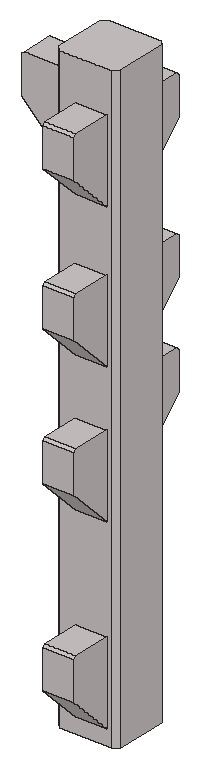
Revit family "d0e68022739f43beb43a3a3fe010b6a2", category Structural Columns, Revit 2021
Family settings
  Display in Hidden Views = Edges Hidden by Other Members
  Section Shape = Not Defined
  Material for Model Behavior = Precast Concrete
  Always export as geometry = No
  Beam cutback in plan = From bounding box
  OmniClass Number = 23.25.30.11.14.11
  OmniClass Title = Columns
  Seek Item ID = Precast-Rectangular Column with Multi Layer Corbels-0000-USA-ENU
  Cut with Voids When Loaded = No
  Symbolic Representation = From Family
  Shared = No
  Show family pre-cut in plan views = No
Parameters (values of type "12"x12"-4 Levels")
  West Corbels Number 1 = if(West Corbels Number > 4, 4, West Corbels Number)  # 1
  Tie Rod Weight [instance] = 30
  Tie Rod W [instance] = (Tie Rod Weight) * 2.20313 kip / 1000  # 0.0660938 kip
  Structural Material [instance] = Concrete, Precast
  South Corbels Number 1 = if(South Corbels Number > 4, 4, South Corbels Number)  # 4
  South Corbels Number = 4
  South Corbel Type = Sloped Corbel : Sloped Corbel
  Single Rebar Weight [instance] = 50
  Single Rebar W [instance] = (Single Rebar Weight * 2.20313 kip) / 1000  # 0.110156 kip
  Rebar Grids Weight [instance] = 100
  Rebar Grids W [instance] = (Rebar Grids Weight * 2.20313 kip) / 1000  # 0.220313 kip
  North Corbels Number 1 = if(North Corbels Number > 4, 4, North Corbels Number)  # 3
  North Corbels Number = 3
  North Corbel Type = Sloped Corbel : Sloped Corbel
  East Corbels Number 1 = if(East Corbels Number > 4, 4, East Corbels Number)  # 0
  East Corbels Number = 0
  East Corbel Type = Sloped Corbel : Sloped Corbel
  Corbel Width = ""
  Corbel Width West = 0' - 6"
  Corbel Width South = 0' - 6"
  Corbel Width North = 0' - 6"
  Corbel Width East = 0' - 6"
  Corbel West 4 = and(West Corbels Number 1 = 4, not(West Corbels Number 1 = 0))  # no
  Corbel West 3 = and(or((West Corbels Number 1 = 3), (West Corbels Number 1 > 3)), not(West Corbels Number 1 = 0))  # no
  Corbel West 2 = and(or((West Corbels Number 1 = 2), (West Corbels Number 1 > 2)), not(West Corbels Number 1 = 0))  # no
  Corbel West 1 = and(or((West Corbels Number 1 = 1), (West Corbels Number 1 > 1)), not(West Corbels Number 1 = 0))  # yes
  West Corbels Number = 1
  West Corbel Type = Sloped Corbel : Sloped Corbel
  Corbel South 4 = and(South Corbels Number 1 = 4, not(South Corbels Number 1 = 0))  # yes
  Corbel South 3 = and(or((South Corbels Number 1 = 3), (South Corbels Number 1 > 3)), not(South Corbels Number 1 = 0))  # yes
  Corbel South 2 = and(or((South Corbels Number 1 = 2), (South Corbels Number 1 > 2)), not(South Corbels Number 1 = 0))  # yes
  Corbel South 1 = and(or((South Corbels Number 1 = 1), (South Corbels Number 1 > 1)), not(South Corbels Number 1 = 0))  # yes
  Corbel North 4 = and(North Corbels Number 1 = 4, not(North Corbels Number 1 = 0))  # no
  Corbel North 3 = and(or((North Corbels Number 1 = 3), (North Corbels Number 1 > 3)), not(North Corbels Number 1 = 0))  # yes
  Corbel North 2 = and(or((North Corbels Number 1 = 2), (North Corbels Number 1 > 2)), not(North Corbels Number 1 = 0))  # yes
  Corbel North 1 = and(or((North Corbels Number 1 = 1), (North Corbels Number 1 > 1)), not(North Corbels Number 1 = 0))  # yes
  Corbel Height = ""
  Corbel Height West = 1' - 4"
  Corbel Height South = 1' - 4"
  Corbel Height North = 1' - 4"
  Corbel Height East = 1' - 4"
  Corbel East 4 = and(East Corbels Number 1 = 4, not(East Corbels Number 1 = 0))  # no
  Corbel East 3 = and(or((East Corbels Number 1 = 3), (East Corbels Number 1 > 3)), not(East Corbels Number 1 = 0))  # no
  Corbel East 2 = and(or((East Corbels Number 1 = 2), (East Corbels Number 1 > 2)), not(East Corbels Number 1 = 0))  # no
  Corbel East 1 = and(or((East Corbels Number 1 = 1), (East Corbels Number 1 > 1)), not(East Corbels Number 1 = 0))  # no
  Corbel Distance from Top Level [instance] = ""
  Corbel Distance West 1 [instance] = 0' - 4"
  Corbel Distance West 2 [instance] = 2' - 4"
  Corbel Distance West 3 [instance] = 4' - 4"
  Corbel Distance West 4 [instance] = 7' - 0"
  Corbel Distance East 1 [instance] = 1' - 2"
  Corbel Distance East 2 [instance] = 3' - 2"
  Corbel Distance East 3 [instance] = 5' - 8"
  Corbel Distance East 4 [instance] = 8' - 0"
  Corbel Distance South 1 [instance] = 0' - 8"
  Corbel Distance South 2 [instance] = 3' - 0"
  Corbel Distance South 3 [instance] = 5' - 3"
  Corbel Distance South 4 [instance] = 8' - 3"
  Corbel Distance North 1 [instance] = 0' - 10"
  Corbel Distance North 2 [instance] = 3' - 2"
  Corbel Distance North 3 [instance] = 4' - 10"
  Corbel Distance North 4 [instance] = 7' - 8"
  Corbel Depth = ""
  Corbel Depth West = 0' - 8"
  Corbel Depth South = 0' - 8"
  Corbel Depth North = 0' - 8"
  Corbel Depth East = 0' - 8"
  Corbel Horizontal Offset [instance] = ""
  Corbel Offset West [instance] = 0' - 3"
  Corbel Offset South [instance] = 0' - 3"
  Corbel Offset North [instance] = 0' - 3"
  Corbel Offset East [instance] = 0' - 3"
  Corbel Chamfer [instance] = 0' - 0 1/2"
  Assembly Code = "B10"
  Chamfer = 0' - 1"
  b = 1' - 0"
  h = 1' - 0"
Types (9): name | West Corbels Number 1 | South Corbels Number 1 | South Corbels Number | South Corbel Type | North Corbels Number 1 | North Corbels Number | North Corbel Type | East Corbels Number 1 | East Corbels Number | East Corbel Type | Corbel West 4 | Corbel West 3 | Corbel West 2 | Corbel West 1 | West Corbels Number | West Corbel Type | Corbel South 4 | Corbel South 3 | Corbel South 2 | Corbel South 1 | Corbel North 3 | Corbel North 2 | Corbel East 2 | Corbel East 1 | Assembly Code | b | h
  (no name) | 1 | 4 | 4 | Sloped Corbel : Sloped Corbel | 3 | 3 | Sloped Corbel : Sloped Corbel | 0 | 0 | Sloped Corbel : Sloped Corbel | no | no | no | yes | 1 | Sloped Corbel : Sloped Corbel | yes | yes | yes | yes | yes | yes | no | no | "B10" | 1' - 0" | 1' - 0"
  12"x12"-2 Levels | 0 | 2 | 2 | Rectangular Corbel : Rectangular Corbel | 1 | 1 | Sloped Corbel : Sloped Corbel | 2 | 2 | Rectangular Corbel : Rectangular Corbel | no | no | no | no | 0 | Rectangular Corbel : Rectangular Corbel | no | no | yes | yes | no | no | yes | yes | 0' - 0" | 1' - 0" | 1' - 0"
  18"x18"-2 Levels | 2 | 0 | 0 | Rectangular Corbel : Rectangular Corbel | 2 | 2 | Rectangular Corbel : Rectangular Corbel | 0 | 0 | Sloped Corbel : Sloped Corbel | no | no | yes | yes | 2 | Sloped Corbel : Sloped Corbel | no | no | no | no | no | yes | no | no | "B10" | 1' - 6" | 1' - 6"
  12"x12"-4 Levels | 1 | 4 | 4 | Sloped Corbel : Sloped Corbel | 3 | 3 | Sloped Corbel : Sloped Corbel | 0 | 0 | Sloped Corbel : Sloped Corbel | no | no | no | yes | 1 | Sloped Corbel : Sloped Corbel | yes | yes | yes | yes | yes | yes | no | no | "B10" | 1' - 0" | 1' - 0"
  12"x12"-3 Levels | 3 | 0 | 0 | Rectangular Corbel : Rectangular Corbel | 2 | 2 | Sloped Corbel : Sloped Corbel | 0 | 0 | Sloped Corbel : Sloped Corbel | no | yes | yes | yes | 3 | Rectangular Corbel : Rectangular Corbel | no | no | no | no | no | yes | no | no | "B10" | 1' - 0" | 1' - 0"
  18"x18"-4 Levels | 4 | 0 | 0 | Rectangular Corbel : Rectangular Corbel | 1 | 1 | Rectangular Corbel : Rectangular Corbel | 2 | 2 | Sloped Corbel : Sloped Corbel | yes | yes | yes | yes | 4 | Sloped Corbel : Sloped Corbel | no | no | no | no | no | no | yes | yes | "B10" | 1' - 6" | 1' - 6"
  18"x18"-3 Levels | 0 | 3 | 3 | Rectangular Corbel : Rectangular Corbel | 1 | 1 | Sloped Corbel : Sloped Corbel | 2 | 2 | Sloped Corbel : Sloped Corbel | no | no | no | no | 0 | Rectangular Corbel : Rectangular Corbel | no | yes | yes | yes | no | no | yes | yes | "B10" | 1' - 6" | 1' - 6"
  12"x12"-1 Level | 0 | 1 | 1 | Sloped Corbel : Sloped Corbel | 1 | 1 | Sloped Corbel : Sloped Corbel | 1 | 1 | Sloped Corbel : Sloped Corbel | no | no | no | no | 0 | Rectangular Corbel : Rectangular Corbel | no | no | no | yes | no | no | no | yes | "B10" | 1' - 0" | 1' - 0"
  18"x18"-1 Level | 1 | 0 | 0 | Rectangular Corbel : Rectangular Corbel | 1 | 1 | Rectangular Corbel : Rectangular Corbel | 1 | 1 | Sloped Corbel : Sloped Corbel | no | no | no | yes | 1 | Sloped Corbel : Sloped Corbel | no | no | no | no | no | no | no | yes | "B10" | 1' - 6" | 1' - 6"
Reference planes (in)
  plane 1 "Center (Front/Back)": y = 0
  plane 2: z = 0
  plane 3 "Center (Left/Right)": x = 0
  plane 4: x = -6
  plane 5: x = 6
  plane 6: y = 6
  plane 7: y = -6
  plane 8: x = -5
  plane 9: y = -5
  plane 10: x = 5
  plane 11: y = 5
  plane 12 "fill ref  west": z = 114.11024
  plane 13 "fill ref  north": z = 108.11024
  plane 14 "fill ref  south": z = 110.11024
  plane 15 "fill ref  east": z = 104.11024
  plane 16 "West 1": z = 90.11024
  plane 17 "East 1": z = 80.11024
  plane 18 "South 1": z = 82.11024
  plane 19 "North 1": z = 80.11024
  plane 20 "West 2": z = 66.11024
  plane 21 "East 2": z = 50.11024
  plane 22 "South 2": z = 55.11024
  plane 23 "North 2": z = 60.11024
  plane 24 "West 3": z = 34.11024
  plane 25 "East 3": z = 22.11024
  plane 26 "South 3": z = 19.11024
  plane 27 "North 3": z = 26.11024
  plane 28: y = 2
  plane 29: x = 2
  plane 30: y = -2
  plane 31: x = -2
  plane 32: x = -5
  plane 33: y = -5
  plane 34: x = 5
  plane 35: y = 5
Forms (in)
  Extrusion 1, solid, material "Concrete, Precast" <- "Structural Material"
    sketch origin (0, 0, 0) x (1, 0, 0) y (0, 1, 0)
      loop
        line (-5, 6) -> (-6, 5) -> (-6, -5) -> (-5, -6) -> (5, -6) -> (6, -5) -> (6, 5) -> (5, 6) -> (-5, 6)
    from 0 to 118.11024
Dimensions and locks (in)
  equal spacing: plane 4, plane 3 "Center (Left/Right)", plane 5
  equal spacing: plane 7, plane 1 "Center (Front/Back)", plane 6
  "h": plane 7 to plane 6
  "b": plane 4 to plane 5
  "Chamfer": plane 4 to plane 8
  "Chamfer": plane 10 to plane 5
  "Chamfer": plane 11 to plane 6
  "Chamfer": plane 7 to plane 9
  "Corbel Offset West": plane 11 to plane 28
  "Corbel Offset South": plane 8 to plane 31
  "Corbel Offset East": plane 30 to plane 9
  "Corbel Offset North": plane 29 to plane 10
  "Corbel Distance West 1": level to plane 12 "fill ref  west"
  "Corbel Distance West 2": level to plane 16 "West 1"
  "Corbel Distance West 3": level to plane 20 "West 2"
  "Corbel Distance West 4": level to plane 24 "West 3"
  "Corbel Distance East 1": level to plane 15 "fill ref  east"
  "Corbel Distance East 2": level to plane 17 "East 1"
  "Corbel Distance East 3": level to plane 21 "East 2"
  "Corbel Distance East 4": level to plane 25 "East 3"
  "Corbel Distance South 1": level to plane 14 "fill ref  south"
  "Corbel Distance South 2": level to plane 18 "South 1"
  "Corbel Distance South 3": level to plane 22 "South 2"
  "Corbel Distance South 4": level to plane 26 "South 3"
  "Corbel Distance North 1": level to plane 13 "fill ref  north"
  "Corbel Distance North 2": level to plane 19 "North 1"
  "Corbel Distance North 3": level to plane 23 "North 2"
  "Corbel Distance North 4": level to plane 27 "North 3"
  aligned and locked: plane 6 to Extrusion 1 sketch curve
  aligned and locked: Extrusion 1 sketch curve to plane 7
  aligned and locked: Extrusion 1 sketch curve to plane 4
  aligned and locked: plane 5 to Extrusion 1 sketch curve
  aligned and locked: level to Extrusion 1
  aligned and locked: level to plane 2
  aligned and locked: Extrusion 1 to plane 2
  aligned and locked: nested 1 to plane 15 "fill ref  east"
  aligned and locked: nested 4 to plane 12 "fill ref  west"
  aligned and locked: nested 2 to plane 13 "fill ref  north"
  aligned and locked: nested 3 to plane 14 "fill ref  south"
  aligned and locked: nested 5 to plane 17 "East 1"
  aligned and locked: nested 6 to plane 21 "East 2"
  aligned and locked: nested 7 to plane 25 "East 3"
  aligned and locked: nested 8 to plane 16 "West 1"
  aligned and locked: nested 9 to plane 20 "West 2"
  aligned and locked: nested 10 to plane 24 "West 3"
  aligned and locked: nested 13 to plane 27 "North 3"
  aligned and locked: nested 12 to plane 23 "North 2"
  aligned and locked: nested 11 to plane 19 "North 1"
  aligned and locked: nested 16 to plane 26 "South 3"
  aligned and locked: nested 15 to plane 22 "South 2"
  aligned and locked: nested 14 to plane 18 "South 1"
  aligned and locked: plane 28 to nested 4
  aligned and locked: plane 28 to nested 8
  aligned and locked: plane 28 to nested 9
  aligned and locked: plane 28 to nested 10
  aligned and locked: plane 31 to nested 3
  aligned and locked: plane 31 to nested 14
  aligned and locked: plane 31 to nested 15
  aligned and locked: plane 31 to nested 16
  aligned and locked: plane 30 to nested 1
  aligned and locked: plane 30 to nested 5
  aligned and locked: plane 30 to nested 6
  aligned and locked: plane 30 to nested 7
  aligned and locked: nested 2 to plane 29
  aligned and locked: nested 11 to plane 29
  aligned and locked: nested 12 to plane 29
  aligned and locked: nested 13 to plane 29
  aligned and locked: plane 8 to plane 32
  aligned and locked: plane 33 to plane 9
  aligned and locked: plane 10 to plane 34
  aligned and locked: plane 35 to plane 11
Automatic sketch dimensions
  Extrusion 1 sketch curve to plane 8 = 0' - 0"  (x2)
  Extrusion 1 sketch curve to plane 10 = 0' - 0"  (x2)
  Extrusion 1 sketch curve to plane 9 = 0' - 0"  (x2)
  Extrusion 1 sketch curve to plane 11 = 0' - 0"  (x2)
Nested families (in)
  nested 1: "Sloped Corbel" at (6, 1, 104.11024) x (0, 1, 0) z (1, 0, 0), Corbel Width <- "Corbel Width East", visible <- "Corbel East 1", type <- "East Corbel Type", Corbel Height <- "Corbel Height East", Corbel Depth <- "Corbel Depth East", type "Sloped Corbel"
    with TransChamfer 0' - 0 1/2", Corbel Width 0' - 6", Corbel Height 1' - 4", Corbel Front 0' - 8", Corbel Depth 0' - 8", Chamfer 0' - 0 1/2"
  nested 2: "Sloped Corbel" at (-1, 6, 108.11024) x (-1, 0, 0) z (0, 1, 0), Corbel Width <- "Corbel Width North", visible <- "Corbel North 1", type <- "North Corbel Type", Corbel Height <- "Corbel Height North", Corbel Depth <- "Corbel Depth North", type "Sloped Corbel"
    with TransChamfer 0' - 0 1/2", Corbel Width 0' - 6", Corbel Height 1' - 4", Corbel Front 0' - 8", Corbel Depth 0' - 8", Chamfer 0' - 0 1/2"
  nested 3: "Sloped Corbel" at (1, -6, 110.11024) x (1, 0, 0) z (0, -1, 0), Corbel Width <- "Corbel Width South", visible <- "Corbel South 1", type <- "South Corbel Type", Corbel Height <- "Corbel Height South", Corbel Depth <- "Corbel Depth South", type "Sloped Corbel"
    with TransChamfer 0' - 0 1/2", Corbel Width 0' - 6", Corbel Height 1' - 4", Corbel Front 0' - 8", Corbel Depth 0' - 8", Chamfer 0' - 0 1/2"
  nested 4: "Sloped Corbel" at (-6, -1, 114.11024) x (0, -1, 0) z (-1, 0, 0), Corbel Width <- "Corbel Width West", visible <- "Corbel West 1", type <- "West Corbel Type", Corbel Height <- "Corbel Height West", Corbel Depth <- "Corbel Depth West", type "Sloped Corbel"
    with TransChamfer 0' - 0 1/2", Corbel Width 0' - 6", Corbel Height 1' - 4", Corbel Front 0' - 8", Corbel Depth 0' - 8", Chamfer 0' - 0 1/2"
  nested 5: "Sloped Corbel" at (6, 1, 80.11024) x (0, 1, 0) z (1, 0, 0), Corbel Width <- "Corbel Width East", visible <- "Corbel East 2", type <- "East Corbel Type", Corbel Height <- "Corbel Height East", Corbel Depth <- "Corbel Depth East", type "Sloped Corbel"
    with TransChamfer 0' - 0 1/2", Corbel Width 0' - 6", Corbel Height 1' - 4", Corbel Front 0' - 8", Corbel Depth 0' - 8", Chamfer 0' - 0 1/2"
  nested 6: "Sloped Corbel" at (6, 1, 50.11024) x (0, 1, 0) z (1, 0, 0), Corbel Width <- "Corbel Width East", visible <- "Corbel East 3", type <- "East Corbel Type", Corbel Height <- "Corbel Height East", Corbel Depth <- "Corbel Depth East", type "Sloped Corbel"
    with TransChamfer 0' - 0 1/2", Corbel Width 0' - 6", Corbel Height 1' - 4", Corbel Front 0' - 8", Corbel Depth 0' - 8", Chamfer 0' - 0 1/2"
  nested 7: "Sloped Corbel" at (6, 1, 22.11024) x (0, 1, 0) z (1, 0, 0), Corbel Width <- "Corbel Width East", visible <- "Corbel East 4", type <- "East Corbel Type", Corbel Height <- "Corbel Height East", Corbel Depth <- "Corbel Depth East", type "Sloped Corbel"
    with TransChamfer 0' - 0 1/2", Corbel Width 0' - 6", Corbel Height 1' - 4", Corbel Front 0' - 8", Corbel Depth 0' - 8", Chamfer 0' - 0 1/2"
  nested 8: "Sloped Corbel" at (-6, -1, 90.11024) x (0, -1, 0) z (-1, 0, 0), Corbel Width <- "Corbel Width West", visible <- "Corbel West 2", type <- "West Corbel Type", Corbel Height <- "Corbel Height West", Corbel Depth <- "Corbel Depth West", type "Sloped Corbel"
    with TransChamfer 0' - 0 1/2", Corbel Width 0' - 6", Corbel Height 1' - 4", Corbel Front 0' - 8", Corbel Depth 0' - 8", Chamfer 0' - 0 1/2"
  nested 9: "Sloped Corbel" at (-6, -1, 66.11024) x (0, -1, 0) z (-1, 0, 0), Corbel Width <- "Corbel Width West", visible <- "Corbel West 3", type <- "West Corbel Type", Corbel Height <- "Corbel Height West", Corbel Depth <- "Corbel Depth West", type "Sloped Corbel"
    with TransChamfer 0' - 0 1/2", Corbel Width 0' - 6", Corbel Height 1' - 4", Corbel Front 0' - 8", Corbel Depth 0' - 8", Chamfer 0' - 0 1/2"
  nested 10: "Sloped Corbel" at (-6, -1, 34.11024) x (0, -1, 0) z (-1, 0, 0), Corbel Width <- "Corbel Width West", visible <- "Corbel West 4", type <- "West Corbel Type", Corbel Height <- "Corbel Height West", Corbel Depth <- "Corbel Depth West", type "Sloped Corbel"
    with TransChamfer 0' - 0 1/2", Corbel Width 0' - 6", Corbel Height 1' - 4", Corbel Front 0' - 8", Corbel Depth 0' - 8", Chamfer 0' - 0 1/2"
  nested 11: "Sloped Corbel" at (-1, 6, 80.11024) x (-1, 0, 0) z (0, 1, 0), Corbel Width <- "Corbel Width North", visible <- "Corbel North 2", type <- "North Corbel Type", Corbel Height <- "Corbel Height North", Corbel Depth <- "Corbel Depth North", type "Sloped Corbel"
    with TransChamfer 0' - 0 1/2", Corbel Width 0' - 6", Corbel Height 1' - 4", Corbel Front 0' - 8", Corbel Depth 0' - 8", Chamfer 0' - 0 1/2"
  nested 12: "Sloped Corbel" at (-1, 6, 60.11024) x (-1, 0, 0) z (0, 1, 0), Corbel Width <- "Corbel Width North", visible <- "Corbel North 3", type <- "North Corbel Type", Corbel Height <- "Corbel Height North", Corbel Depth <- "Corbel Depth North", type "Sloped Corbel"
    with TransChamfer 0' - 0 1/2", Corbel Width 0' - 6", Corbel Height 1' - 4", Corbel Front 0' - 8", Corbel Depth 0' - 8", Chamfer 0' - 0 1/2"
  nested 13: "Sloped Corbel" at (-1, 6, 26.11024) x (-1, 0, 0) z (0, 1, 0), Corbel Width <- "Corbel Width North", visible <- "Corbel North 4", type <- "North Corbel Type", Corbel Height <- "Corbel Height North", Corbel Depth <- "Corbel Depth North", type "Sloped Corbel"
    with TransChamfer 0' - 0 1/2", Corbel Width 0' - 6", Corbel Height 1' - 4", Corbel Front 0' - 8", Corbel Depth 0' - 8", Chamfer 0' - 0 1/2"
  nested 14: "Sloped Corbel" at (1, -6, 82.11024) x (1, 0, 0) z (0, -1, 0), Corbel Width <- "Corbel Width South", visible <- "Corbel South 2", type <- "South Corbel Type", Corbel Height <- "Corbel Height South", Corbel Depth <- "Corbel Depth South", type "Sloped Corbel"
    with TransChamfer 0' - 0 1/2", Corbel Width 0' - 6", Corbel Height 1' - 4", Corbel Front 0' - 8", Corbel Depth 0' - 8", Chamfer 0' - 0 1/2"
  nested 15: "Sloped Corbel" at (1, -6, 55.11024) x (1, 0, 0) z (0, -1, 0), Corbel Width <- "Corbel Width South", visible <- "Corbel South 3", type <- "South Corbel Type", Corbel Height <- "Corbel Height South", Corbel Depth <- "Corbel Depth South", type "Sloped Corbel"
    with TransChamfer 0' - 0 1/2", Corbel Width 0' - 6", Corbel Height 1' - 4", Corbel Front 0' - 8", Corbel Depth 0' - 8", Chamfer 0' - 0 1/2"
  nested 16: "Sloped Corbel" at (1, -6, 19.11024) x (1, 0, 0) z (0, -1, 0), Corbel Width <- "Corbel Width South", visible <- "Corbel South 4", type <- "South Corbel Type", Corbel Height <- "Corbel Height South", Corbel Depth <- "Corbel Depth South", type "Sloped Corbel"
    with TransChamfer 0' - 0 1/2", Corbel Width 0' - 6", Corbel Height 1' - 4", Corbel Front 0' - 8", Corbel Depth 0' - 8", Chamfer 0' - 0 1/2"
Definition of nested family "Sloped Corbel"
  Parameters
    TransChamfer [instance] = if(Chamfer = 0' 0", Corbel Depth / 2, Chamfer)  # 0' - 0.3937"
    Material = none
    Default Elevation = 0' - 0"
    Corbel Width [instance] = 1' - 0"
    Corbel Height [instance] = 2' - 3.55906"
    Corbel Front [instance] = Corbel Height - Corbel Depth  # 0' - 11.81102"
    Corbel Depth [instance] = 1' - 3.74803"
    Chamfer = 0' - 0.3937"
    Assembly Code = ""
  Reference planes (in)
    plane 1 "Center (Front/Back)": y = 0
    plane 2: z = 0
    plane 3 "Center (Left/Right)": x = 0
    plane 4: y = -27.55906
    plane 5: y = -0.3937
    plane 6: z = 15.74803
    plane 7: z = 15.35433
    plane 8 "Left": x = -6
    plane 9 "Right": x = 6
    plane 10: y = -11.81102
  Forms (in)
    Extrusion 1, solid
      sketch origin (0, 0, 0) x (1, 0, 0) y (0, 1, 0)
        loop
          line (-33.23473, 48) -> (-33.23473, -48) -> (30, -48) -> (30, 48) -> (-33.23473, 48)
      from 0 to -12
    Sweep 2, solid, material <- "Material"
      path origin (0, 0, 0) x (1, 0, 0) y (0, 1, 0)
        loop
          line (-6, 0) -> (6, 0)
      profile origin (0, 0, 0) x (0, 1, 0) y (0, 0, 1)
        loop
          line (0, 0) -> (0, 15.35433) -> (-0.3937, 15.74803) -> (-11.81102, 15.74803) -> (-27.55906, 0) -> (0, 0)
  Dimensions and locks (in)
    "Corbel Depth": plane 6 to plane 2
    "TransChamfer": plane 6 to plane 7
    "Corbel Height": plane 4 to plane 1 "Center (Front/Back)"
    "Chamfer": plane 5 to plane 1 "Center (Front/Back)"
    "Corbel Width": plane 8 "Left" to plane 9 "Right"
    equal spacing: plane 8 "Left", plane 3 "Center (Left/Right)", plane 9 "Right"
    "Corbel Front": plane 10 to plane 1 "Center (Front/Back)"
    aligned and locked: plane 2 to Extrusion 1
    aligned and locked: level to Extrusion 1
    aligned and locked: plane 1 "Center (Front/Back)" to Sweep 2 sketch curve  (x2)
    aligned and locked: plane 2 to Sweep 2 sketch curve
    aligned and locked: plane 7 to Sweep 2 sketch curve
    aligned and locked: plane 8 "Left" to Sweep 2 sketch curve
    aligned and locked: plane 9 "Right" to Sweep 2 sketch curve
    aligned and locked: plane 4 to Sweep 2 sketch curve
    aligned and locked: Sweep 2 sketch curve to plane 6
    aligned and locked: plane 5 to Sweep 2 sketch curve
    aligned and locked: plane 10 to Sweep 2 sketch curve
  Automatic sketch dimensions
    Extrusion 1 sketch curve to Extrusion 1 sketch curve = 5' - 3.23473"
    Extrusion 1 sketch curve to Extrusion 1 sketch curve = 8' - 0"
